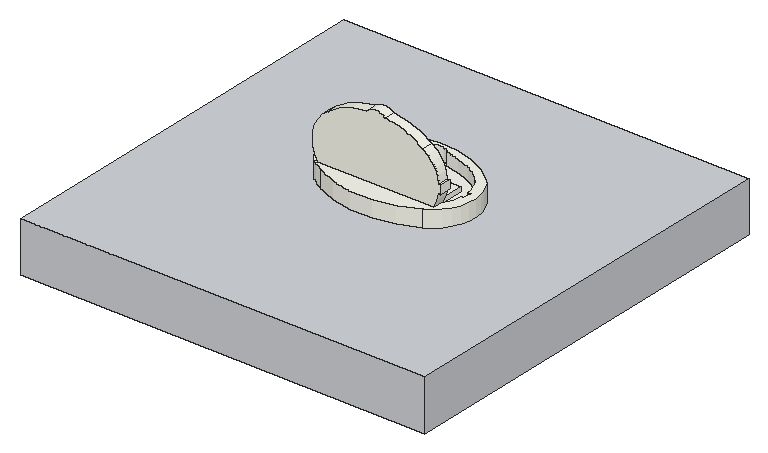
Revit family
Parameters (values of type "9612")
  Width = 2' - 11 1/2"  # constant formula
  Warranty Information = ""
  Version = ""
  URL = "http://www.bradleycorp.com"
  Technical Data = ""
  Recycled Content = ""
  OpenClosed [instance] = 1
  OmniClass Title = ""
  OmniClass Number = 0
  Mounting Height = 2' - 9 1/2"
  Modeling Code = ""
  Model = "9612"
  Materials and Finishes = Plastic - Bradley Corp - HDPE - Ivory
  Material Note = ""
  MasterFormat Section Title = ""
  MasterFormat Section Number = 0
  Manufacturer = "Bradley Corporation"  # constant formula
  LEED = ""
  Fire Rating = ""
  Depth = 0' - 3 15/16"  # constant formula
  Instructions = "This is a face mounted fixture. The changing station can be opened by adjusting the parameter called OpenClosed to 1 for open and 0 for closed."  # constant formula
  Height = 2' - 0 3/4"  # constant formula
  Default Elevation = 2' - 9 1/2"  # constant formula
  Copyright = "This Model Data is Property of Bradley Corporation"  # constant formula
  Code Compliance and Certification = "ASTM"
  Assembly Code = ""
  ADA Compliant = Mounting Height = 2' 9 1/2"  # yes
Types (3): name | OpenClosed | Model | Materials and Finishes
  9611 | 1 | "9611" | Plastic - Bradley Corp - HDPE - Light Gray
  961 | 0 | "961" | Plastic - Bradley Corp - HDPE - Gray Speckle
  9612 | 1 | "9612" | Plastic - Bradley Corp - HDPE - Ivory
Reference planes (in)
  plane 1 "Center (Elevation)": y = 0
  plane 2: z = 0
  plane 3 "Center (Left/Right)": x = 0
  plane 4: x = -17.75
  plane 5: x = 17.75
  plane 6: y = 17.4063
  plane 7: y = -7.3437
  plane 8: z = 3.9375
Forms (in)
  Extrusion 1, solid
    sketch origin (0, 0, 0) x (1, 0, 0) y (0, 1, 0)
      loop
        line (-48, 48) -> (-48, -48) -> (48, -48) -> (48, 48) -> (-48, 48)
    from 0 to -12
Dimensions and locks (in)
  "Width": plane 4 to plane 5
  "Depth": plane 8 to level
  aligned and locked: plane 2 to Extrusion 1
  aligned and locked: level to Extrusion 1
  aligned and locked: plane 3 "Center (Left/Right)" to nested 1
  aligned and locked: nested 1 to plane 1 "Center (Elevation)"
  aligned and locked: level to nested 1
  aligned and locked: plane 4 to nested 1
  aligned and locked: plane 5 to nested 1
  aligned and locked: plane 6 to nested 1
  aligned and locked: plane 7 to nested 1
Automatic sketch dimensions
  Extrusion 1 sketch curve to Extrusion 1 sketch curve = 8' - 0"  (x2)
Nested families (in)
  nested 1: "961-Model" at (1.3209, 4.87064, 0) x (1, 0, 0) z (0, 1, 0), type "961-Model"
Definition of nested family "961-Model"
  Parameters (values of type "961-Model")
    Width = 2' - 11 1/2"
    OPEN or CLOSED Setting = 1
    OPEN or CLOSED = OPEN or CLOSED Setting = 1  # yes
    OC Controll = OPEN or CLOSED Setting = 0  # no
    Height = 2' - 0 3/4"
    Depth = 0' - 3 15/16"
    Default Elevation = 4' - 0"
    Color Selection = Ivory
    Assembly Code = ""
  Reference planes (in)
    plane 1 "Center (Front/Back)": y = 0
    plane 2: z = 0
    plane 3 "Center (Left/Right)": x = -1.3209
    plane 4: y = -3.9375
    plane 5: y = -19.75
    plane 6: x = -19.0709
    plane 7: x = 16.4291
    plane 8: z = -12.21434
    plane 9: z = 12.53566
  Forms (in)
    Extrusion 1, solid, material "Ivory" <- "Color Selection"
      sketch origin (0, 0, 0) x (1, 0, 0) y (0, 0, 1)
        loop
          arc (13.29894, 7.10223) -> (-0.06598, 12.50403) -> (-13.93049, 8.55738) r 22.19668
          arc (-13.93049, 8.55738) -> (-19.05545, -0.68158) -> (-12.91036, -9.27586) r 9.88829
          arc (-12.91036, -9.27586) -> (-0.87365, -12.21145) -> (11.06748, -8.90854) r 24.60233
          arc (11.06748, -8.90854) -> (16.33513, -1.48182) -> (13.29894, 7.10223) r 9.88829
      from 0 to 3.9375
    Extrusion 2, void
      sketch origin (0, 0, 0) x (1, 0, 0) y (0, 0, 1)
        loop
          arc (10.3354, 7.10763) -> (5.91779, 9.46925) -> (1.04939, 10.64871) r 19.83286
          arc (1.04939, 10.64871) -> (-1.07622, 11.71324) -> (-3.21329, 10.67192) r 2.68365
          arc (-3.21329, 10.67192) -> (-8.03811, 9.54519) -> (-12.43334, 7.2582) r 19.84157
          arc (-12.43334, 7.2582) -> (-16.09583, 1.67086) -> (-14.73895, -4.87064) r 8.73558
          line (-14.73895, -4.87064) -> (12.44131, -4.87064)
          arc (12.44131, -4.87064) -> (13.3899, -3.04311) -> (13.88438, -1.04431) r 8.73558
          line (13.88438, -1.04431) -> (14.4995, -1.04431) -> (14.4995, 0.90985) -> (13.89996, 0.90985)
          arc (13.89996, 0.90985) -> (12.78149, 4.39052) -> (10.3354, 7.10763) r 8.72718
      from 0.92108 to 3.9375
    Extrusion 3, solid, material "Ivory" <- "Color Selection", visible <- "OPEN or CLOSED"
      sketch origin (0, 4.25, 0) x (1, 0, 0) y (0, 1, 0)
        loop
          arc (9.93049, -19.88001) -> (12.43339, -17.23505) -> (13.62496, -13.79405) r 8.64411
          line (13.62496, -13.79405) -> (14.20242, -13.79405) -> (14.20242, -11.70106) -> (13.64606, -11.70106)
          arc (13.64606, -11.70106) -> (13.22373, -9.95608) -> (12.44809, -8.33691) r 8.59451
          line (12.44809, -8.33691) -> (-15.0899, -8.33691)
          arc (-15.0899, -8.33691) -> (-16.19339, -14.6101) -> (-12.67151, -19.91734) r 8.58606
          arc (-12.67151, -19.91734) -> (-8.26228, -22.22986) -> (-3.41376, -23.36162) r 19.67656
          arc (-3.41376, -23.36162) -> (-1.26056, -24.10591) -> (0.8781, -23.3208) r 3.39347
          arc (0.8781, -23.3208) -> (5.61943, -22.16643) -> (9.93049, -19.88001) r 19.66276
      from -7.37064 to -4.87064
    Extrusion 4, void
      sketch origin (0, 0, 0) x (1, 0, 0) y (0, 1, 0)
        loop
          spline (-1.3209, -18) -> (2.04375, -17.78068) -> (5.1791, -17.13766) -> (7.87149, -16.11477) -> (9.93743, -14.78172) -> (11.23613, -13.22934) -> (11.6791, -11.56343) -> (11.23613, -9.89752) -> (9.93743, -8.34515) -> (7.87149, -7.01209) -> (5.1791, -5.9892) -> (2.04375, -5.34618) -> (-1.3209, -5.12686)
          spline (-1.3209, -5.12686) -> (-4.68555, -5.34618) -> (-7.8209, -5.9892) -> (-10.51329, -7.01209) -> (-12.57923, -8.34515) -> (-13.87794, -9.89752) -> (-14.3209, -11.56343) -> (-13.87794, -13.22934) -> (-12.57923, -14.78172) -> (-10.51329, -16.11477) -> (-7.8209, -17.13766) -> (-4.68555, -17.78068) -> (-1.3209, -18)
      from -6.23857 to -4.87064
    Extrusion 5, solid, material "Ivory" <- "Color Selection"
      sketch origin (5, 0, 0) x (1, 0, 0) y (0, 0, 1)
        loop
          line (-16.82945, 4.73575) -> (-16.82945, -0.51425) -> (-9.37784, -0.51425) -> (-9.37784, -3.90134) -> (-3.28106, -3.90134) -> (-3.28106, -0.51425) -> (4.17055, -0.51425) -> (4.17055, 4.73575) -> (-16.82945, 4.73575)
      from 0.92108 to 2.03262
    Extrusion 6, solid, material "Ivory" <- "Color Selection", visible <- "OC Controll"
      sketch origin (0, 0, 0) x (1, 0, 0) y (0, 0, 1)
        loop
          arc (-12.36193, 7.00503) -> (-15.83521, 1.70626) -> (-14.67071, -4.52146) r 8.48657
          line (-14.67071, -4.52146) -> (12.37307, -4.52146)
          arc (12.37307, -4.52146) -> (13.21618, -2.7931) -> (13.64852, -0.91931) r 8.48657
          line (13.64852, -0.91931) -> (14.24951, -0.91931) -> (14.24951, 0.78485) -> (13.67007, 0.78485)
          arc (13.67007, 0.78485) -> (12.55843, 4.29565) -> (10.0643, 7.00503) r 8.48657
          arc (10.0643, 7.00503) -> (5.76176, 9.26637) -> (1.03548, 10.40117) r 19.62886
          arc (1.03548, 10.40117) -> (-1.08198, 10.52297) -> (-3.20023, 10.41559) r 19.62886
          arc (-3.20023, 10.41559) -> (-7.9968, 9.2898) -> (-12.36193, 7.00503) r 19.62886
      from 2.48048 to 4.00781
  Cuts and joins
    Extrusion 2 cuts Extrusion 1
    Extrusion 4 cuts Extrusion 3
  Lines and regions (in)
    symbolic lines, style "GenericModelHiddenLines", visible <- "OC Controll"
      curve 1: arc (-15.0899, -4.08691, 0) -> (-16.19339, -10.3601, 0) -> (-12.67151, -15.66734, 0) r 8.58606
      curve 2: arc (-12.67151, -15.66734, 0) -> (-8.26097, -17.97635, 0) -> (-3.41376, -19.11162, 0) r 19.79044
      curve 3: arc (-3.41376, -19.11162, 0) -> (-1.26056, -19.85591, 0) -> (0.8781, -19.0708, 0) r 3.39347
      curve 4: arc (0.8781, -19.0708, 0) -> (5.63683, -17.92729, 0) -> (9.96877, -15.64969, 0) r 19.76767
      curve 5: arc (9.96877, -15.64969, 0) -> (12.51338, -12.91519, 0) -> (13.67111, -9.36383, 0) r 8.66848
      curve 6: line (13.67111, -9.36383, 0) -> (14.24856, -9.36383, 0)
      curve 7: line (14.24856, -9.36383, 0) -> (14.24856, -7.45106, 0)
      curve 8: line (14.24856, -7.45106, 0) -> (13.6922, -7.45106, 0)
      curve 9: arc (13.6922, -7.45106, 0) -> (13.26887, -5.70644, 0) -> (12.49424, -4.08691, 0) r 8.64242
      curve 10: line (12.49424, -4.08691, 0) -> (-15.0899, -4.08691, 0)
  Dimensions and locks (in)
    "Depth": plane 1 "Center (Front/Back)" to plane 4
    plane 5 to plane 1 "Center (Front/Back)" = 1' - 7 3/4"
    cut or joined group of Extrusion 3, Extrusion 4 to cut or joined group of Extrusion 3, Extrusion 4 = 0' - 2 1/2"
    "Width": plane 6 to plane 7
    equal spacing: plane 6, plane 3 "Center (Left/Right)", plane 7
    "Height": plane 9 to plane 8
    aligned and locked: plane 4 to Extrusion 1
    aligned and locked: Extrusion 1 to plane 1 "Center (Front/Back)"
    aligned and locked: Extrusion 1 to Extrusion 2
    aligned and locked: Extrusion 4 to cut or joined group of Extrusion 1, Extrusion 2
    aligned and locked: cut or joined group of Extrusion 1, Extrusion 2 to Extrusion 5
    aligned and locked: Extrusion 3 to Extrusion 4
  Automatic sketch dimensions
    Extrusion 4 sketch curve to plane 3 "Center (Left/Right)" = 0' - 0"
    Extrusion 4 sketch curve to plane 5 = 0' - 1 3/4"
    Extrusion 4 sketch curve to Extrusion 4 sketch curve = 0' - 6.43657"
    plane 4 to curve 1 = 0' - 0.14941"
    curve 1 to plane 6 = 0' - 3.981"
    curve 2 to plane 5 = 0' - 4.08266"
    curve 2 to plane 6 = 0' - 6.39939"
    plane 4 to curve 1 = 0' - 4.6674"
    curve 3 to plane 5 = 0' - 0.63838"
    curve 3 to plane 3 "Center (Left/Right)" = 0' - 2.09286"
    curve 2 to plane 3 "Center (Left/Right)" = 0' - 0.0393"
    curve 4 to plane 3 "Center (Left/Right)" = 0' - 0.00476"
    plane 3 "Center (Left/Right)" to curve 3 = 0' - 0.02807"
    curve 4 to plane 5 = 0' - 0.6792"
    plane 3 "Center (Left/Right)" to curve 4 = 0' - 2.199"
    plane 3 "Center (Left/Right)" to curve 5 = 0' - 6.3651"
    curve 5 to curve 9 = 0' - 0.08305"
    curve 4 to plane 5 = 0' - 4.10031"
    curve 9 to curve 4 = 0' - 4.84152"
    plane 7 to curve 10 = 0' - 3.93486"
    plane 7 to curve 5 = 0' - 2.75799"
    curve 6 to curve 9 = 0' - 0.02109"
    curve 9 to curve 7 = 0' - 0.55637"
    plane 4 to curve 7 = 0' - 5.42633"
    curve 9 to curve 5 = 0' - 0.08975"
    Extrusion 2 sketch curve to Extrusion 2 sketch curve = 0' - 0"  (x5)
    Extrusion 2 sketch curve to plane 6 = 0' - 4.33196"
    Extrusion 2 sketch curve to plane 6 = 0' - 6.63756"
    level to Extrusion 2 sketch curve = 0' - 0.0395"  (x2)
    Extrusion 2 sketch curve to plane 3 "Center (Left/Right)" = 0' - 6.19302"
    Extrusion 2 sketch curve to plane 3 "Center (Left/Right)" = 0' - 1.89239"
    plane 3 "Center (Left/Right)" to Extrusion 2 sketch curve = 0' - 0.17209"
    plane 3 "Center (Left/Right)" to Extrusion 2 sketch curve = 0' - 0.23007"
    plane 3 "Center (Left/Right)" to Extrusion 2 sketch curve = 0' - 2.37029"
    plane 3 "Center (Left/Right)" to Extrusion 2 sketch curve = 0' - 6.5372"
    Extrusion 2 sketch curve to Extrusion 2 sketch curve = 0' - 5.1191"
    plane 7 to Extrusion 2 sketch curve = 0' - 3.98778"
    Extrusion 2 sketch curve to level = 0' - 1.04431"
    level to Extrusion 2 sketch curve = 0' - 0.90985"
    Extrusion 2 sketch curve to Extrusion 2 sketch curve = 0' - 0.61512"
    plane 4 to Extrusion 3 sketch curve = 0' - 0.14941"
    Extrusion 3 sketch curve to plane 6 = 0' - 3.981"
    Extrusion 3 sketch curve to plane 5 = 0' - 4.08266"
    Extrusion 3 sketch curve to plane 6 = 0' - 6.39939"
    plane 4 to Extrusion 3 sketch curve = 0' - 4.6674"
    Extrusion 3 sketch curve to plane 5 = 0' - 0.63838"
    Extrusion 3 sketch curve to plane 3 "Center (Left/Right)" = 0' - 2.09286"
    Extrusion 3 sketch curve to plane 3 "Center (Left/Right)" = 0' - 0.08032"
    Extrusion 3 sketch curve to Extrusion 3 sketch curve = 0' - 0.03454"
    plane 3 "Center (Left/Right)" to Extrusion 3 sketch curve = 0' - 0.02807"
    Extrusion 3 sketch curve to plane 5 = 0' - 0.6792"
    plane 3 "Center (Left/Right)" to Extrusion 3 sketch curve = 0' - 2.199"
    plane 3 "Center (Left/Right)" to Extrusion 3 sketch curve = 0' - 6.3651"
    Extrusion 3 sketch curve to Extrusion 3 sketch curve = 0' - 0.08305"
    Extrusion 3 sketch curve to plane 5 = 0' - 4.11999"
    Extrusion 3 sketch curve to Extrusion 3 sketch curve = 0' - 4.80324"
    plane 7 to Extrusion 3 sketch curve = 0' - 3.981"
    plane 7 to Extrusion 3 sketch curve = 0' - 2.80413"
    Extrusion 3 sketch curve to Extrusion 3 sketch curve = 0' - 0.02109"
    Extrusion 3 sketch curve to Extrusion 3 sketch curve = 0' - 0.55637"
    plane 4 to Extrusion 3 sketch curve = 0' - 5.60655"
    Extrusion 3 sketch curve to Extrusion 3 sketch curve = 0' - 0.08975"
    Extrusion 5 sketch curve to plane 6 = 0' - 7.24145"
    Extrusion 5 sketch curve to level = 0' - 0.51425"  (x2)
    Extrusion 5 sketch curve to plane 3 "Center (Left/Right)" = 0' - 3.05694"
    plane 3 "Center (Left/Right)" to Extrusion 5 sketch curve = 0' - 3.03984"
    plane 7 to Extrusion 5 sketch curve = 0' - 7.25855"
    Extrusion 5 sketch curve to Extrusion 5 sketch curve = 0' - 3.3871"
    level to Extrusion 5 sketch curve = 0' - 4.73575"
    Extrusion 6 sketch curve to Extrusion 6 sketch curve = 0' - 0"  (x11)
    Extrusion 6 sketch curve to plane 6 = 0' - 4.4002"
    Extrusion 6 sketch curve to plane 3 "Center (Left/Right)" = 0' - 11.04103"
    level to Extrusion 6 sketch curve = 0' - 0.0395"  (x2)
    Extrusion 6 sketch curve to plane 3 "Center (Left/Right)" = 0' - 6.19302"
    Extrusion 6 sketch curve to plane 3 "Center (Left/Right)" = 0' - 1.87933"
    plane 3 "Center (Left/Right)" to Extrusion 6 sketch curve = 0' - 0.17209"
    plane 3 "Center (Left/Right)" to Extrusion 6 sketch curve = 0' - 6.5372"
    plane 7 to Extrusion 6 sketch curve = 0' - 4.05602"
    Extrusion 6 sketch curve to level = 0' - 0.91931"
    level to Extrusion 6 sketch curve = 0' - 0.78485"
    Extrusion 6 sketch curve to Extrusion 6 sketch curve = 0' - 0.57944"
    plane 7 to Extrusion 2 sketch curve = 0' - 2.54472"
    Extrusion 2 sketch curve to Extrusion 2 sketch curve = 0' - 0.59953"
    plane 3 "Center (Left/Right)" to Extrusion 6 sketch curve = 0' - 2.35638"
    plane 7 to Extrusion 6 sketch curve = 0' - 2.78057"
    Extrusion 2 sketch curve to level = 0' - 9.06195"
    Extrusion 1 sketch curve to plane 6 = 0' - 5.14041"
    Extrusion 1 sketch curve to plane 8 = 0' - 2.93848"
    Extrusion 1 sketch curve to level = 0' - 0.11686"  (x2)
    plane 3 "Center (Left/Right)" to Extrusion 1 sketch curve = 0' - 0.07041"  (x2)
    plane 3 "Center (Left/Right)" to Extrusion 1 sketch curve = 0' - 7.86241"
    Extrusion 1 sketch curve to plane 8 = 0' - 3.3058"
    plane 7 to Extrusion 1 sketch curve = 0' - 5.36161"
    plane 9 to Extrusion 1 sketch curve = 0' - 5.43343"
    Extrusion 1 sketch curve to plane 8 = 0' - 2.55332"
    plane 9 to Extrusion 1 sketch curve = 0' - 0.14767"
